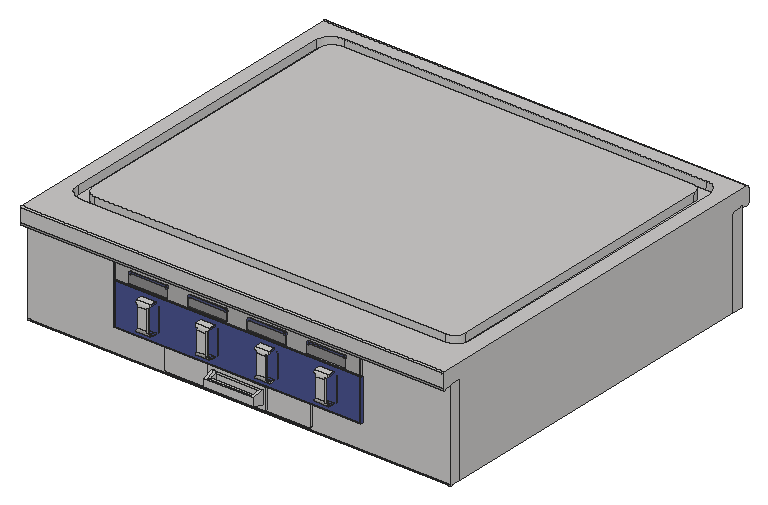
Revit family "QF_ELECTROLUXPROFESSIONAL_589009_MCLDAAJOAO", category Specialty Equipment, Revit 2018
Family settings
  Round Connector Dimension = Use Diameter
  Part Type = Normal
  Work Plane-Based = No
  Always vertical = Yes
  Cut with Voids When Loaded = No
  Shared = No
  Room Calculation Point = No
Parameters
  Weight in Pounds = 352.7
  Watts = 16000 VA  # 16000 W
  Volts = 400 V  # constant formula
  URL Cutsheet = ""
  Type Mark [instance] = ""
  Status [instance] = ""
  Specification by User [instance] = ""
  Specification by Manufacturer = ""
  Show Clearance [instance] = yes
  Serial Number = ""
  Seismic Rating = ""
  SMACNA No = ""
  Revision Code [instance] = ""
  Phase = 3  # constant formula
  Omniclass Number and Title = ""
  Number of Poles [instance] = 1
  NAFEM Spec ID Number = ""
  Model = "589009"
  Min Ckt Ampacity = 0 A
  Max Overcurrent Protection = 0 A
  Masterspec = ""
  Manufacturer = "ELECTROLUX"
  Item Number [instance] = ""
  Installed By [instance] = ""
  Identify Quantity as Lot [instance] = yes
  HP = "21.5 HP"
  Furnished By [instance] = ""
  Foodservice Equipment Identifier [instance] = yes
  FL Amps [instance] = if(Phase = 3, Watts / (Volts * 1.73), Watts / Volts)  # 23.1214 A
  Electrical Remarks = "400 V/3N ph/50/60 Hz"  # constant formula
  Electric Connection Type [instance] = ""
  Elec Conn RI Height [instance] = 0 mm
  Elec Conn Connection Height [instance] = 0 mm
  Direct Waste Size = 0"
  Description = "EL.SOLID TOP,4 ZONE,ECO,1S,1000X900X250H"
  Cycle [instance] = if([60 Hertz Option], 60 Hz, 50 Hz)  # 60 Hz
  Conn Plug = ""
  Conn Conduit = yes
  CSI MasterFormat = ""
  CSI Master Format = ""
  Back Panel [instance] = yes
  Apparent Power [instance] = if(Phase = 3, Volts * FL Amps * 1.73, Volts * FL Amps)  # 16000 VA
  60 Hertz Option [instance] = not([50 Hertz Option])  # yes
  50 Hertz Option [instance] = no
Reference planes
  plane 1 "BACK": y = 0
  plane 2: z = 0
  plane 3 "LEFT": x = 0
  plane 4 "RIGHT": x = 1000
  plane 5 "FRONT": y = -900
  plane 6 "TOP": z = 250
  plane 7: x = 500
  plane 8: y = -450
  plane 9: y = -1330
Forms (mm)
  Extrusion 1, solid, material "QF_Finishes_Stainless Steel"
    sketch origin (0, -487.128, 0) x (0, 1, 0) y (0, 0, 1)
      loop
        line (483.128, 250) -> (-408.872, 250)
        arc (-408.872, 250) -> (-411.7, 248.828) -> (-412.872, 246) r 4
        line (-412.872, 246) -> (-412.872, 214)
        arc (-412.872, 214) -> (-411.443, 210.936) -> (-408.177, 210.061) r 4
        line (-408.177, 210.061) -> (-391.509, 213) -> (-366.872, 213) -> (-366.872, 0) -> (441.128, 0) -> (441.128, 213) -> (465.765, 213) -> (482.433, 210.061)
        arc (482.433, 210.061) -> (485.699, 210.936) -> (487.128, 214) r 4
        line (487.128, 214) -> (487.128, 246)
        arc (487.128, 246) -> (485.956, 248.828) -> (483.128, 250) r 4
    from 0 to 1000
  Extrusion 2, solid, material "QF_Finishes_Stainless Steel", visible <- "Back Panel"
    sketch origin (0, 0, 0) x (0, 1, 0) y (0, 0, 1)
      loop
        line (-46, 0) -> (-20, 0) -> (-20, 215)
        arc (-20, 215) -> (-20.586, 213.586) -> (-22, 213) r 2
        line (-22, 213) -> (-46, 213) -> (-46, 0)
    from 0 to 1000
  Extrusion 3, void
    sketch origin (653.786, 44.048, 250) x (1, 0, 0) y (0, -1, 0)
      loop
        line (274.614, 855.048) -> (-582.186, 855.048)
        arc (-582.186, 855.048) -> (-608.349, 844.211) -> (-619.186, 818.048) r 37
        line (-619.186, 818.048) -> (-619.186, 115.648)
        arc (-619.186, 115.648) -> (-608.349, 89.485) -> (-582.186, 78.648) r 37
        line (-582.186, 78.648) -> (274.614, 78.648)
        arc (274.614, 78.648) -> (300.777, 89.485) -> (311.614, 115.648) r 37
        line (311.614, 115.648) -> (311.614, 818.048)
        arc (311.614, 818.048) -> (300.777, 844.211) -> (274.614, 855.048) r 37
    from 0 to 19.1
  Extrusion 4, solid, material "QF_Finishes_Stainless Steel"
    sketch origin (0, -854, 0) x (1, 0, 0) y (0, -1, 0)
      loop
        circle (955, -169) r 6.35
    from 0 to 3.2
  Extrusion 5, solid, material "QF_Finishes_Stainless Steel"
    sketch origin (653.786, 44.048, 230.9) x (1, 0, 0) y (0, 1, 0)
      loop
        line (260.814, -104.048) -> (-568.386, -104.048)
        arc (-568.386, -104.048) -> (-586.347, -111.488) -> (-593.786, -129.448) r 25.4
        line (-593.786, -129.448) -> (-593.786, -804.248)
        arc (-593.786, -804.248) -> (-586.347, -822.209) -> (-568.386, -829.648) r 25.4
        line (-568.386, -829.648) -> (260.814, -829.648)
        arc (260.814, -829.648) -> (278.774, -822.209) -> (286.214, -804.248) r 25.4
        line (286.214, -804.248) -> (286.214, -129.448)
        arc (286.214, -129.448) -> (278.774, -111.488) -> (260.814, -104.048) r 25.4
    from 0 to 19.1
  Extrusion 6, solid, material "QF_Door-Drawer Clearances", visible <- "Show Clearance", detail levels coarse
    sketch origin (537.31, -881.593, 8.62) x (0, 0, 1) y (-1, 0, 0)
      loop
        line (1.973, -134.295) -> (49.317, -134.295)
        arc (49.317, -134.295) -> (50.776, -133.691) -> (51.38, -132.232) r 2.063
        line (51.38, -132.232) -> (51.38, 206.852)
        arc (51.38, 206.852) -> (50.88, 208.549) -> (49.541, 209.705) r 3.133
        line (49.541, 209.705) -> (3.067, 209.705)
        arc (3.067, 209.705) -> (0.898, 208.807) -> (0, 206.638) r 3.067
        line (0, 206.638) -> (0, -132.322)
        arc (0, -132.322) -> (0.578, -133.717) -> (1.973, -134.295) r 1.973
    from 0 to 448.407
Cuts and joins
  Extrusion 3 cuts Extrusion 1
Lines and regions (mm)
  symbolic lines
    curve 1: line (0, 0, 0) -> (1000, 0, 0)
    curve 2: line (0, -900, 0) -> (0, 0, 0)
    curve 3: line (1000, -900, 0) -> (0, -900, 0)
    curve 4: line (1000, 0, 0) -> (1000, -900, 0)
    curve 5: line (273.641, -902.326, 0) -> (273.641, -900, 0)
    curve 6: spline (279.31, -903.73, 0) -> (278.831, -903.657, 0) -> (278.353, -903.575, 0) -> (277.876, -903.486, 0) -> (277.4, -903.389, 0) -> (276.925, -903.283, 0) -> (276.452, -903.17, 0) -> (275.98, -903.049, 0) -> (275.509, -902.92, 0) -> (275.039, -902.783, 0) -> (274.572, -902.638, 0) -> (274.105, -902.486, 0) -> (273.641, -902.326, 0)
    curve 7: line (305.857, -902.326, 0) -> (305.857, -900, 0)
    curve 8: spline (305.857, -902.326, 0) -> (305.392, -902.486, 0) -> (304.926, -902.638, 0) -> (304.458, -902.783, 0) -> (303.989, -902.92, 0) -> (303.518, -903.049, 0) -> (303.046, -903.17, 0) -> (302.572, -903.283, 0) -> (302.098, -903.389, 0) -> (301.622, -903.486, 0) -> (301.145, -903.575, 0) -> (300.667, -903.657, 0) -> (300.188, -903.73, 0)
    curve 9: line (279.31, -903.73, 0) -> (300.188, -903.73, 0)
    curve 10: line (413.892, -902.326, 0) -> (413.892, -900, 0)
    curve 11: spline (419.561, -903.73, 0) -> (419.082, -903.657, 0) -> (418.604, -903.575, 0) -> (418.127, -903.486, 0) -> (417.651, -903.389, 0) -> (417.177, -903.283, 0) -> (416.703, -903.17, 0) -> (416.231, -903.049, 0) -> (415.76, -902.92, 0) -> (415.29, -902.783, 0) -> (414.823, -902.638, 0) -> (414.357, -902.486, 0) -> (413.892, -902.326, 0)
    curve 12: line (446.108, -902.326, 0) -> (446.108, -900, 0)
    curve 13: spline (446.108, -902.326, 0) -> (445.643, -902.486, 0) -> (445.177, -902.638, 0) -> (444.71, -902.783, 0) -> (444.24, -902.92, 0) -> (443.769, -903.049, 0) -> (443.297, -903.17, 0) -> (442.823, -903.283, 0) -> (442.349, -903.389, 0) -> (441.873, -903.486, 0) -> (441.396, -903.575, 0) -> (440.918, -903.657, 0) -> (440.439, -903.73, 0)
    curve 14: line (419.561, -903.73, 0) -> (440.439, -903.73, 0)
    curve 15: line (726.359, -902.326, 0) -> (726.359, -900, 0)
    curve 16: spline (720.69, -903.73, 0) -> (721.169, -903.657, 0) -> (721.647, -903.575, 0) -> (722.124, -903.486, 0) -> (722.6, -903.389, 0) -> (723.075, -903.283, 0) -> (723.548, -903.17, 0) -> (724.02, -903.049, 0) -> (724.491, -902.92, 0) -> (724.961, -902.783, 0) -> (725.428, -902.638, 0) -> (725.895, -902.486, 0) -> (726.359, -902.326, 0)
    curve 17: line (694.143, -902.326, 0) -> (694.143, -900, 0)
    curve 18: spline (694.143, -902.326, 0) -> (694.608, -902.486, 0) -> (695.074, -902.638, 0) -> (695.542, -902.783, 0) -> (696.011, -902.92, 0) -> (696.482, -903.049, 0) -> (696.954, -903.17, 0) -> (697.428, -903.283, 0) -> (697.902, -903.389, 0) -> (698.378, -903.486, 0) -> (698.855, -903.575, 0) -> (699.333, -903.657, 0) -> (699.812, -903.73, 0)
    curve 19: line (720.69, -903.73, 0) -> (699.812, -903.73, 0)
    curve 20: line (586.108, -902.326, 0) -> (586.108, -900, 0)
    curve 21: spline (580.439, -903.73, 0) -> (580.918, -903.657, 0) -> (581.396, -903.575, 0) -> (581.873, -903.486, 0) -> (582.349, -903.389, 0) -> (582.823, -903.283, 0) -> (583.297, -903.17, 0) -> (583.769, -903.049, 0) -> (584.24, -902.92, 0) -> (584.71, -902.783, 0) -> (585.177, -902.638, 0) -> (585.643, -902.486, 0) -> (586.108, -902.326, 0)
    curve 22: line (553.892, -902.326, 0) -> (553.892, -900, 0)
    curve 23: spline (553.892, -902.326, 0) -> (554.357, -902.486, 0) -> (554.823, -902.638, 0) -> (555.29, -902.783, 0) -> (555.76, -902.92, 0) -> (556.231, -903.049, 0) -> (556.703, -903.17, 0) -> (557.177, -903.283, 0) -> (557.651, -903.389, 0) -> (558.127, -903.486, 0) -> (558.604, -903.575, 0) -> (559.082, -903.657, 0) -> (559.561, -903.73, 0)
    curve 24: line (580.439, -903.73, 0) -> (559.561, -903.73, 0)
    curve 36: line (914.6, -60, 0) -> (85.4, -60, 0)
    curve 37: arc (85.4, -60, 0) -> (67.439, -67.439, 0) -> (60, -85.4, 0) r 25.4
    curve 38: line (60, -85.4, 0) -> (60, -760.2, 0)
    curve 39: arc (60, -760.2, 0) -> (67.439, -778.161, 0) -> (85.4, -785.6, 0) r 25.4
    curve 40: line (85.4, -785.6, 0) -> (914.6, -785.6, 0)
    curve 41: arc (914.6, -785.6, 0) -> (932.561, -778.161, 0) -> (940, -760.2, 0) r 25.4
    curve 42: line (940, -760.2, 0) -> (940, -85.4, 0)
    curve 43: arc (940, -85.4, 0) -> (932.561, -67.439, 0) -> (914.6, -60, 0) r 25.4
    curve 44: line (446.108, -900, 0) -> (447.685, -908.767, 0)
    curve 45: line (447.685, -908.767, 0) -> (550.042, -908.767, 0)
    curve 46: line (550.042, -908.767, 0) -> (551.62, -900, 0)
  symbolic lines, style "QF_Door-Drawer Clearances"
    curve 25: line (327.605, -1330, 0) -> (327.605, -900, 0)
    curve 26: line (327.605, -1330, 0) -> (671.605, -1330, 0)
    curve 27: line (671.605, -1330, 0) -> (671.605, -900, 0)
  symbolic lines, style "SpecialityEquipment"
    curve 28: line (71.6, -34.6, 0) -> (928.4, -34.6, 0)
    curve 29: arc (928.4, -34.6, 0) -> (954.563, -45.437, 0) -> (965.4, -71.6, 0) r 37
    curve 30: line (965.4, -71.6, 0) -> (965.4, -772.524, 0)
    curve 31: arc (965.4, -772.524, 0) -> (954.131, -799.731, 0) -> (926.924, -811, 0) r 38.476
    curve 32: line (926.924, -811, 0) -> (71.6, -811, 0)
    curve 33: arc (71.6, -811, 0) -> (45.437, -800.163, 0) -> (34.6, -774, 0) r 37
    curve 34: line (34.6, -774, 0) -> (34.6, -71.6, 0)
    curve 35: arc (34.6, -71.6, 0) -> (45.437, -45.437, 0) -> (71.6, -34.6, 0) r 37
Dimensions and locks
  plane 3 "LEFT" to plane 4 "RIGHT" = 1000 mm
  plane 5 "FRONT" to plane 1 "BACK" = 900 mm
  equal spacing: plane 3 "LEFT", plane 7, plane 4 "RIGHT"
  equal spacing: plane 5 "FRONT", plane 8, plane 1 "BACK"
  plane 6 "TOP" to level = 250 mm  (x2)
  plane 1 "BACK" to plane 5 "FRONT" = 900 mm
  Extrusion 4 sketch curve to plane 1 "BACK" = 685 mm
  Extrusion 4 sketch curve to plane 4 "RIGHT" = 45 mm
  plane 5 "FRONT" to plane 9 = 430 mm
  aligned and locked: level to plane 2
  aligned and locked: cut or joined group of Extrusion 1, Extrusion 3 to plane 4 "RIGHT"
  aligned and locked: Extrusion 2 to plane 4 "RIGHT"
  aligned and locked: plane 7 to nested 1
Automatic sketch dimensions
  Extrusion 2 sketch curve to Extrusion 2 sketch curve = 26 mm
  plane 1 "BACK" to Extrusion 2 sketch curve = 22 mm
  Extrusion 2 sketch curve to Extrusion 2 sketch curve = 2 mm
  level to Extrusion 2 sketch curve = 213 mm
  Extrusion 1 sketch curve to plane 5 "FRONT" = 0 mm
  Extrusion 1 sketch curve to plane 6 "TOP" = 0 mm
  Extrusion 1 sketch curve to level = 0 mm
  Extrusion 1 sketch curve to plane 1 "BACK" = 0 mm
  Extrusion 1 sketch curve to plane 6 "TOP" = 37 mm  (x2)
  Extrusion 1 sketch curve to plane 5 "FRONT" = 4 mm
  Extrusion 1 sketch curve to plane 5 "FRONT" = 21.363 mm
  Extrusion 1 sketch curve to plane 5 "FRONT" = 46 mm
  plane 1 "BACK" to Extrusion 1 sketch curve = 21.363 mm
  plane 1 "BACK" to Extrusion 1 sketch curve = 4 mm  (x2)
  Extrusion 1 sketch curve to Extrusion 1 sketch curve = 4 mm
  Extrusion 1 sketch curve to Extrusion 1 sketch curve = 0.695 mm
  Extrusion 1 sketch curve to Extrusion 1 sketch curve = 0 mm  (x4)
  plane 1 "BACK" to Extrusion 1 sketch curve = 4.695 mm
  Extrusion 1 sketch curve to Extrusion 1 sketch curve = 1 mm  (x2)
  plane 1 "BACK" to Extrusion 1 sketch curve = 46 mm
  plane 5 "FRONT" to curve 25 = 0 mm
  plane 5 "FRONT" to curve 27 = 0 mm
  plane 3 "LEFT" to curve 25 = 327.605 mm
  plane 7 to curve 27 = 171.605 mm
  curve 25 to curve 25 = 430 mm
  level to Extrusion 6 sketch curve = 8.62 mm
  level to Extrusion 6 sketch curve = 57.937 mm
  plane 7 to Extrusion 6 sketch curve = 171.605 mm
  Extrusion 6 sketch curve to Extrusion 6 sketch curve = 1.973 mm
  Extrusion 6 sketch curve to Extrusion 6 sketch curve = 3.067 mm
  Extrusion 6 sketch curve to Extrusion 6 sketch curve = 46.474 mm
  Extrusion 6 sketch curve to Extrusion 6 sketch curve = 2.063 mm
  Extrusion 6 sketch curve to Extrusion 6 sketch curve = 3.133 mm
  plane 3 "LEFT" to Extrusion 6 sketch curve = 330.672 mm
  plane 3 "LEFT" to curve 34 = 34.6 mm
  curve 34 to curve 38 = 25.4 mm
  curve 37 to curve 35 = 11.6 mm
  curve 39 to curve 33 = 11.6 mm
  curve 33 to curve 39 = 13.8 mm
  curve 35 to curve 37 = 13.8 mm
  plane 7 to curve 36 = 414.6 mm
  plane 7 to curve 41 = 414.6 mm
  curve 40 to curve 32 = 12.324 mm
  curve 36 to curve 29 = 13.8 mm
  curve 29 to curve 43 = 11.6 mm  (x2)
  curve 33 to plane 5 "FRONT" = 89 mm
  curve 40 to curve 31 = 13.076 mm
  plane 1 "BACK" to curve 43 = 85.4 mm
  curve 38 to curve 34 = 13.8 mm
  Extrusion 1 to Extrusion 3 sketch curve = 34.6 mm  (x2)
  Extrusion 1 to Extrusion 3 sketch curve = 85 mm
  Extrusion 3 sketch curve to Extrusion 3 sketch curve = 37 mm  (x4)
  Extrusion 1 to Extrusion 3 sketch curve = 30.6 mm
  Extrusion 5 sketch curve to Extrusion 3 = 25.4 mm  (x4)
  Extrusion 5 sketch curve to Extrusion 5 sketch curve = 25.4 mm  (x4)
  plane 1 "BACK" to curve 1 = 0 mm
  curve 1 to plane 4 "RIGHT" = 0 mm
  curve 3 to plane 3 "LEFT" = 0 mm
  plane 5 "FRONT" to curve 5 = 2.326 mm
  plane 5 "FRONT" to curve 46 = 0 mm
  plane 5 "FRONT" to curve 15 = 2.326 mm
  plane 7 to curve 15 = 226.359 mm
  plane 5 "FRONT" to curve 19 = 3.73 mm
  curve 15 to curve 19 = 5.669 mm
  curve 16 to curve 19 = 20.878 mm
  plane 5 "FRONT" to curve 17 = 2.326 mm
  curve 18 to curve 17 = 5.669 mm
  plane 5 "FRONT" to curve 20 = 2.326 mm
  plane 7 to curve 20 = 86.108 mm
  plane 5 "FRONT" to curve 24 = 3.73 mm
  curve 20 to curve 24 = 5.669 mm
  curve 21 to curve 24 = 20.878 mm
  plane 5 "FRONT" to curve 22 = 2.326 mm
  curve 24 to curve 22 = 5.669 mm
  plane 5 "FRONT" to curve 44 = 8.767 mm
  curve 44 to plane 7 = 52.315 mm
  curve 44 to curve 44 = 1.578 mm
  curve 12 to curve 14 = 5.669 mm
  plane 5 "FRONT" to curve 14 = 3.73 mm
  curve 14 to curve 14 = 20.878 mm
  plane 5 "FRONT" to curve 10 = 2.326 mm
  curve 11 to curve 10 = 5.669 mm
  plane 5 "FRONT" to curve 7 = 2.326 mm
  curve 10 to curve 7 = 108.035 mm
  plane 5 "FRONT" to curve 9 = 3.73 mm
  curve 7 to curve 9 = 5.669 mm
  curve 8 to curve 9 = 20.878 mm
  curve 6 to curve 5 = 5.669 mm
  plane 5 "FRONT" to curve 16 = 4.032 mm
  curve 16 to curve 16 = 4.17 mm
  plane 5 "FRONT" to curve 18 = 4.032 mm
  curve 18 to curve 19 = 4.17 mm
  plane 5 "FRONT" to curve 21 = 4.032 mm
  curve 21 to curve 21 = 4.17 mm
  curve 21 to curve 23 = 12.538 mm
  curve 22 to curve 46 = 2.272 mm
  curve 23 to curve 46 = 3.85 mm
  curve 12 to curve 13 = 9.839 mm
  curve 13 to curve 11 = 12.538 mm
  curve 7 to curve 8 = 9.839 mm
  curve 8 to curve 6 = 12.538 mm
  curve 12 to curve 12 = 2.326 mm
  curve 8 to plane 5 "FRONT" = 39.101 mm
  curve 11 to plane 5 "FRONT" = 39.101 mm
  curve 11 to curve 13 = 0 mm
  curve 6 to curve 8 = 0 mm
  curve 23 to curve 21 = 0 mm
  Extrusion 2 sketch curve to level = 0 mm
  radius of Extrusion 4 sketch curve = 6.35 mm
Nested families
  nested 1: "EST_900_1000 Front Panel fOUR cONTROLS" at (-100, -854, -650), type "EST_900_1000 Front Panel fOUR cONTROLS"
Connectors
  electrical at (955, -685, -3.2), driven by "Volts", driven by "Watts"
    settings: on Extrusion 4, index 1, voltage 400 V, apparent load 16000 VA, apparent load phase1 0 VA, apparent load phase2 0 VA, apparent load phase3 0 VA, power factor 1, load classification "Other", number of poles 1, system type 30, power factor state 1, is connector primary yes, connector utility no, sub classification motor no, connector description "ELECTRICAL CONNECTION"
Definition of nested family "EST_900_1000 Front Panel fOUR cONTROLS"
  Parameters
    Keynote = ""
  Reference planes
    plane 1 "Center (Front/Back)": y = 0
    plane 2: z = 0
    plane 3 "Center (Left/Right)": x = 100
    plane 4: x = 600
    plane 5: x = 389.749
    plane 6: x = 530
    plane 7: x = 670.079
    plane 8: x = 809.948
  Forms (mm)
    Extrusion 1, void
      sketch origin (1213.217, 829.203, -1.25) x (1, 0, 0) y (0, 0, 1)
        loop
          line (-321.217, 853.25) -> (-905.217, 853.25) -> (-905.217, 711.25) -> (-321.217, 711.25) -> (-321.217, 853.25)
      from 843.409 to 854.203
    Extrusion 2, solid
      sketch origin (1133.217, 829.203, -1.25) x (0, 1, 0) y (0, 0, 1)
        loop
          arc (-854.203, 654.25) -> (-853.324, 652.129) -> (-851.203, 651.25) r 3
          line (-851.203, 651.25) -> (-829.203, 651.25) -> (-829.203, 864.25) -> (-854.203, 864.25) -> (-854.203, 654.25)
      from -1033.217 to -33.217
  Dimensions and locks
    aligned and locked: plane 4 to nested 6
  Nested families
    nested 1: "1200 Glass Panel with Four Reads" at (308, -30, 5.811), type "1200 Glass Panel with Four Reads"
    nested 2: "Sml  Range Control Handle" at (389.749, -26.645, -204.867), type "Sml  Range Control Handle"
    nested 3: "Sml  Range Control Handle" at (529.638, -26.645, -204.867), type "Sml  Range Control Handle"
    nested 4: "Sml  Range Control Handle" at (670.079, -26.645, -204.867), type "Sml  Range Control Handle"
    nested 5: "Sml  Range Control Handle" at (810.079, -26.645, -204.867), type "Sml  Range Control Handle"
    nested 6: "grease trap door1" at (667.599, -25, 0.608) x (-1, 0, 0) z (0, 0, 1), type "grease trap door"
  Definition of nested family "1200 Glass Panel with Four Reads"
    Reference planes
      plane 1 "Center (Front/Back)": y = 0
      plane 2: z = 0
      plane 3 "Center (Left/Right)": x = 0
      plane 4: x = 584
      plane 5: x = 581.091
      plane 6 "Top": z = 846.189
      plane 7 "Center": x = 292
    Forms (mm)
      Extrusion 1, solid
        sketch origin (550.286, 304.8, -4.308) x (1, 0, 0) y (0, 0, 1)
          loop
            line (-550.286, 806.791) -> (-550.286, 708.497) -> (33.714, 708.497) -> (33.714, 806.791) -> (-550.286, 806.791)
        from 300.031 to 304.8
      Extrusion 2, solid
        sketch origin (550.286, 304.8, -4.308) x (1, 0, 0) y (0, 0, 1)
          loop
            line (-550.286, 850.497) -> (-550.286, 806.791) -> (33.714, 806.791) -> (33.714, 850.497) -> (-550.286, 850.497)
        from 300.031 to 304.8
      Extrusion 3, void
        sketch origin (550.286, 304.8, -4.308) x (1, 0, 0) y (0, 0, 1)
          loop
            line (-547.628, 847.565) -> (-547.628, 710.699) -> (30.804, 710.699) -> (30.804, 847.565) -> (-547.628, 847.565)
        from 303.697 to 304.8
      Extrusion 4, solid, not visible
        sketch origin (550.286, 305.901, -4.308) x (1, 0, 0) y (0, 0, 1)
          loop
            line (-153.041, 812.62) -> (-153.041, 834.177) -> (-157.775, 834.177) -> (-159.574, 835.977) -> (-238.324, 835.977) -> (-240.124, 834.177) -> (-245.041, 834.177) -> (-245.041, 812.62) -> (-153.041, 812.62)
        from 304.798 to 306.745
      Extrusion 5, solid, not visible
        sketch origin (550.286, 305.901, -4.308) x (1, 0, 0) y (0, 0, 1)
          loop
            line (-240.027, 834.177) -> (-238.227, 835.977) -> (-159.594, 835.977) -> (-157.794, 834.177) -> (-153.083, 834.177)
            arc (-153.083, 834.177) -> (-154.26, 838.752) -> (-158.535, 840.763) r 5.549
            line (-158.535, 840.763) -> (-239.444, 840.763)
            arc (-239.444, 840.763) -> (-243.699, 838.747) -> (-244.835, 834.177) r 5.5
            line (-244.835, 834.177) -> (-240.027, 834.177)
        from 304.798 to 306.745
      Extrusion 6, solid
        sketch origin (700.989, 305.901, -4.308) x (1, 0, 0) y (0, 0, 1)
          loop
            line (-153.041, 812.62) -> (-153.041, 834.177) -> (-157.775, 834.177) -> (-159.574, 835.977) -> (-238.324, 835.977) -> (-240.124, 834.177) -> (-245.041, 834.177) -> (-245.041, 812.62) -> (-153.041, 812.62)
        from 304.798 to 306.745
      Extrusion 7, solid
        sketch origin (700.989, 305.901, -4.308) x (1, 0, 0) y (0, 0, 1)
          loop
            line (-240.027, 834.177) -> (-238.227, 835.977) -> (-159.594, 835.977) -> (-157.794, 834.177) -> (-153.083, 834.177)
            arc (-153.083, 834.177) -> (-154.26, 838.752) -> (-158.535, 840.763) r 5.549
            line (-158.535, 840.763) -> (-239.444, 840.763)
            arc (-239.444, 840.763) -> (-243.699, 838.747) -> (-244.835, 834.177) r 5.5
            line (-244.835, 834.177) -> (-240.027, 834.177)
        from 304.798 to 306.745
      Extrusion 8, solid
        sketch origin (560.989, 305.901, -4.308) x (1, 0, 0) y (0, 0, 1)
          loop
            line (-153.041, 812.62) -> (-153.041, 834.177) -> (-157.775, 834.177) -> (-159.574, 835.977) -> (-238.324, 835.977) -> (-240.124, 834.177) -> (-245.041, 834.177) -> (-245.041, 812.62) -> (-153.041, 812.62)
        from 304.798 to 306.745
      Extrusion 9, solid
        sketch origin (560.989, 305.901, -4.308) x (1, 0, 0) y (0, 0, 1)
          loop
            line (-240.027, 834.177) -> (-238.227, 835.977) -> (-159.594, 835.977) -> (-157.794, 834.177) -> (-153.083, 834.177)
            arc (-153.083, 834.177) -> (-154.26, 838.752) -> (-158.535, 840.763) r 5.549
            line (-158.535, 840.763) -> (-239.444, 840.763)
            arc (-239.444, 840.763) -> (-243.699, 838.747) -> (-244.835, 834.177) r 5.5
            line (-244.835, 834.177) -> (-240.027, 834.177)
        from 304.798 to 306.745
      Extrusion 10, solid
        sketch origin (700.989, 305.901, -4.308) x (1, 0, 0) y (0, 0, 1)
          loop
            line (-665.188, 812.62) -> (-573.188, 812.62) -> (-573.188, 834.177) -> (-578.105, 834.177) -> (-579.905, 835.977) -> (-658.655, 835.977) -> (-660.455, 834.177) -> (-665.188, 834.177) -> (-665.188, 812.62)
        from 304.798 to 306.745
      Extrusion 11, solid
        sketch origin (700.989, 305.901, -4.308) x (1, 0, 0) y (0, 0, 1)
          loop
            line (-578.203, 834.177) -> (-573.394, 834.177)
            arc (-573.394, 834.177) -> (-574.53, 838.747) -> (-578.786, 840.763) r 5.5
            line (-578.786, 840.763) -> (-659.695, 840.763)
            arc (-659.695, 840.763) -> (-663.97, 838.752) -> (-665.146, 834.177) r 5.549
            line (-665.146, 834.177) -> (-660.435, 834.177) -> (-658.636, 835.977) -> (-580.003, 835.977) -> (-578.203, 834.177)
        from 304.798 to 306.745
      Extrusion 12, solid
        sketch origin (560.989, 305.901, -4.308) x (1, 0, 0) y (0, 0, 1)
          loop
            line (-385.188, 812.62) -> (-293.188, 812.62) -> (-293.188, 834.177) -> (-298.105, 834.177) -> (-299.905, 835.977) -> (-378.655, 835.977) -> (-380.455, 834.177) -> (-385.188, 834.177) -> (-385.188, 812.62)
        from 304.798 to 306.745
      Extrusion 13, solid
        sketch origin (560.989, 305.901, -4.308) x (1, 0, 0) y (0, 0, 1)
          loop
            line (-298.203, 834.177) -> (-293.394, 834.177)
            arc (-293.394, 834.177) -> (-294.53, 838.747) -> (-298.786, 840.763) r 5.5
            line (-298.786, 840.763) -> (-379.695, 840.763)
            arc (-379.695, 840.763) -> (-383.97, 838.752) -> (-385.146, 834.177) r 5.549
            line (-385.146, 834.177) -> (-380.435, 834.177) -> (-378.636, 835.977) -> (-300.003, 835.977) -> (-298.203, 834.177)
        from 304.798 to 306.745
    Cuts and joins
      Extrusion 3 cuts Extrusion 1
      Extrusion 3 cuts Extrusion 2
    Lines and regions (mm)
      symbolic lines
        curve 1: line (0, 4.769, 0) -> (584, 4.769, 0)
    Dimensions and locks
      aligned and locked: Extrusion 1 to Extrusion 2
      aligned and locked: Extrusion 6 to Extrusion 7
      aligned and locked: Extrusion 8 to Extrusion 9
      aligned and locked: Extrusion 10 to Extrusion 11
      aligned and locked: Extrusion 12 to Extrusion 13
  Definition of nested family "Sml  Range Control Handle"
    Reference planes
      plane 1 "Center (Front/Back)": y = 0
      plane 2: z = 0
      plane 3 "Center (Left/Right)": x = 0
      plane 4: z = 971.092
    Forms (mm)
      Extrusion 1, solid
        sketch origin (-746.28, 380.497, 208.931) x (-1, 0, 0) y (0, 0, 1)
          loop
            line (-770.101, 786.798) -> (-770.101, 731.649)
            arc (-770.101, 731.649) -> (-769.759, 730.563) -> (-768.855, 729.87) r 1.893
            line (-768.855, 729.87) -> (-763.474, 727.911) -> (-729.81, 727.911) -> (-724.428, 729.87)
            arc (-724.428, 729.87) -> (-723.525, 730.563) -> (-723.183, 731.649) r 1.893
            line (-723.183, 731.649) -> (-723.183, 786.798)
            arc (-723.183, 786.798) -> (-723.529, 787.894) -> (-724.44, 788.593) r 1.91
            line (-724.44, 788.593) -> (-729.683, 790.819) -> (-763.601, 790.819) -> (-768.844, 788.593)
            arc (-768.844, 788.593) -> (-769.755, 787.894) -> (-770.101, 786.798) r 1.91
        from -382.35 to -378.852
      Sweep 2, solid
        path origin (-746.788, 380.496, 208.091) x (0, -1, 0) y (0, 0, 1)
          loop
            line (379.775, 793.281) -> (395.661, 791.048)
            arc (395.661, 791.048) -> (397.781, 787.377) -> (398.517, 783.202) r 12.207
            line (398.517, 783.202) -> (398.517, 737.368)
            arc (398.517, 737.368) -> (397.781, 733.193) -> (395.661, 729.522) r 12.207
            line (395.661, 729.522) -> (379.775, 727.289)
        profile origin (-746.788, -7.222, 1000.256) x (0, -0.139173, 0.990268) y (-1, 0, 0)
          loop
            line (0.782, -763.123) -> (0.782, -730.907) -> (-1.322, -730.907) -> (-1.322, -763.123) -> (0.782, -763.123)
      Sweep 3, solid
        path origin (-746.788, 380.715, 207.832) x (0, -1, 0) y (0, 0, 1)
          loop
            line (380.478, 795.442) -> (397.218, 793.09)
            arc (397.218, 793.09) -> (399.929, 788.473) -> (400.871, 783.202) r 15.207
            line (400.871, 783.202) -> (400.871, 737.584)
            arc (400.871, 737.584) -> (399.914, 732.274) -> (397.164, 727.633) r 15.207
            line (397.164, 727.633) -> (380.601, 725.305)
        profile origin (-746.788, -8.132, 1002.099) x (0, -0.139173, 0.990268) y (-1, 0, 0)
          loop
            line (0.782, -763.123) -> (0.782, -730.907) -> (-1.322, -730.907) -> (-1.322, -763.123) -> (0.782, -763.123)
      Extrusion 4, void
        sketch origin (889.253, 220.666, 207.993) x (1, 0, 0) y (0, 0, 1)
          loop
            line (-943.038, 816.854) -> (-943.038, 703.686) -> (-899.466, 734.196) -> (-899.466, 786.344) -> (-943.038, 816.854)
        from 230.636 to 242.25
      Extrusion 5, void
        sketch origin (-888.8, 220.666, 207.993) x (-1, 0, 0) y (0, 0, -1)
          loop
            line (-943.038, -816.854) -> (-899.466, -786.344) -> (-899.466, -734.196) -> (-943.038, -703.686) -> (-943.038, -816.854)
        from 230.636 to 242.25
      Extrusion 6, solid
        sketch origin (0, 0, 0) x (1, 0, 0) y (0, 0, 1)
          loop
            circle (0, 971.092) r 7.736
        from -3.137 to -1.645
    Cuts and joins
      Extrusion 4, Extrusion 5 cuts Sweep 3
      Extrusion 4, Extrusion 5 cuts Sweep 2
      joined: Extrusion 1, Extrusion 6
    Lines and regions (mm)
      symbolic lines
        curve 1: line (23.821, 1.645, 0) -> (-23.097, 1.645, 0)
        curve 2: line (16.334, -1.853, 0) -> (23.821, -1.853, 0)
        curve 3: line (-15.881, -19.189, 0) -> (-15.881, -1.853, 0)
        curve 4: line (-23.097, -1.853, 0) -> (-15.881, -1.853, 0)
        curve 5: line (16.334, -19.189, 0) -> (16.334, -1.853, 0)
        curve 6: spline (-15.881, -19.189, 0) -> (-15.417, -19.349, 0) -> (-14.951, -19.501, 0) -> (-14.483, -19.646, 0) -> (-14.014, -19.783, 0) -> (-13.543, -19.912, 0) -> (-13.071, -20.033, 0) -> (-12.597, -20.146, 0) -> (-12.122, -20.251, 0) -> (-11.646, -20.349, 0) -> (-11.169, -20.438, 0) -> (-10.691, -20.52, 0) -> (-10.213, -20.593, 0)
        curve 7: spline (10.666, -20.593, 0) -> (11.144, -20.52, 0) -> (11.622, -20.438, 0) -> (12.099, -20.349, 0) -> (12.575, -20.251, 0) -> (13.05, -20.146, 0) -> (13.524, -20.033, 0) -> (13.996, -19.912, 0) -> (14.467, -19.783, 0) -> (14.936, -19.646, 0) -> (15.404, -19.501, 0) -> (15.87, -19.349, 0) -> (16.334, -19.189, 0)
        curve 8: line (-10.213, -20.938, 0) -> (10.716, -20.938, 0)
        curve 9: line (-23.097, 1.645, 0) -> (-23.097, -1.853, 0)
        curve 10: line (23.821, 1.645, 0) -> (23.821, -1.853, 0)
    Dimensions and locks
      cut or joined group of Sweep 3, Extrusion 4, Extrusion 5 to cut or joined group of Sweep 3, Extrusion 4, Extrusion 5 = 71.686 mm
  Definition of nested family "grease trap door1"
    Reference planes
      plane 1 "Center (Front/Back)": y = 0
      plane 2: z = 0
      plane 3 "Center (Left/Right)": x = 0
    Forms (mm)
      Extrusion 1, solid
        sketch origin (1627.55, 854.203, -1.25) x (1, 0, 0) y (0, 0, 1)
          loop
            arc (-1627.55, 661.235) -> (-1626.972, 659.84) -> (-1625.577, 659.262) r 1.973
            line (-1625.577, 659.262) -> (-1494.325, 659.262)
            arc (-1494.325, 659.262) -> (-1492.156, 660.16) -> (-1491.258, 662.329) r 3.067
            line (-1491.258, 662.329) -> (-1491.258, 708.803)
            arc (-1491.258, 708.803) -> (-1492.414, 710.143) -> (-1494.111, 710.642) r 3.133
            line (-1494.111, 710.642) -> (-1625.486, 710.642)
            arc (-1625.486, 710.642) -> (-1626.945, 710.038) -> (-1627.55, 708.579) r 2.063
            line (-1627.55, 708.579) -> (-1627.55, 661.235)
        from 856.795 to 859.203
      Extrusion 2, solid
        sketch origin (445.874, 2476.61, 0) x (0, 1, 0) y (0, 0, 1)
          loop
            line (-2506.377, 675.273) -> (-2481.61, 667.505) -> (-2481.61, 700.995) -> (-2506.377, 693.227) -> (-2506.377, 675.273)
        from -437.68 to -317.68
      Extrusion 3, void
        sketch origin (1627.55, 854.203, -1.25) x (1, 0, 0) y (0, 0, 1)
          loop
            line (-1614.883, 703) -> (-1610.542, 695.433) -> (-1508.17, 695.433) -> (-1503.828, 703) -> (-1614.883, 703)
          loop
            line (-1614.883, 668) -> (-1502.669, 668) -> (-1507.01, 675.567) -> (-1610.542, 675.567) -> (-1614.883, 668)
        from 832.916 to 883.97
      Extrusion 4, void
        sketch origin (447.55, 854.203, -1.25) x (1, 0, 0) y (0, 0, 1)
          loop
            line (-430.542, 695.433) -> (-430.542, 675.567) -> (-328.17, 675.567) -> (-328.17, 695.433) -> (-430.542, 695.433)
        from 859.203 to 874.202
      Extrusion 5, solid
        sketch origin (1627.55, 854.203, -1.25) x (1, 0, 0) y (0, 0, 1)
          loop
            arc (-1731.556, 661.235) -> (-1730.978, 659.84) -> (-1729.583, 659.262) r 1.973
            line (-1729.583, 659.262) -> (-1390.623, 659.262)
            arc (-1390.623, 659.262) -> (-1388.454, 660.16) -> (-1387.556, 662.329) r 3.067
            line (-1387.556, 662.329) -> (-1387.556, 708.803)
            arc (-1387.556, 708.803) -> (-1388.712, 710.143) -> (-1390.409, 710.642) r 3.133
            line (-1390.409, 710.642) -> (-1729.493, 710.642)
            arc (-1729.493, 710.642) -> (-1730.952, 710.038) -> (-1731.556, 708.579) r 2.063
            line (-1731.556, 708.579) -> (-1731.556, 661.235)
        from 854.203 to 856.795
    Cuts and joins
      Extrusion 3 cuts Extrusion 1
      Extrusion 3, Extrusion 4 cuts Extrusion 2
      joined: Extrusion 1, Extrusion 2
    Lines and regions (mm)
      symbolic lines
        curve 1: line (0, -2.593, 0) -> (136.292, -2.593, 0)
        curve 2: line (17.557, -29.767, 0) -> (12.667, -2.593, 0)
        curve 3: line (17.557, -29.767, 0) -> (119.991, -29.767, 0)
        curve 4: line (119.991, -29.767, 0) -> (124.881, -2.593, 0)
        curve 5: line (68.146, -2.593, 0) -> (68.146, -29.767, 0)
      model lines
        curve 6: line (67.599, 0, 658.012) -> (67.599, 0, 709.392)
    Dimensions and locks
      aligned and locked: Extrusion 2 to Extrusion 1
      aligned and locked: Extrusion 3 to Extrusion 2
      aligned and locked: Extrusion 4 to Extrusion 1
